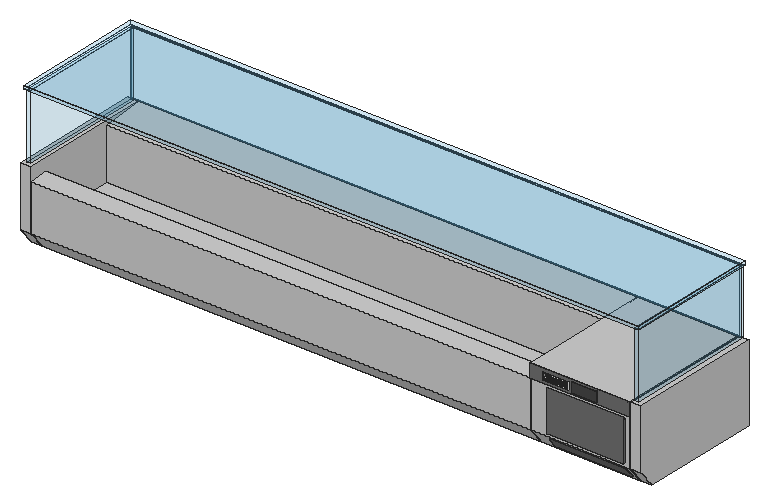
Revit family "Qf_Afinox_VRS1815V", category Specialty Equipment, Revit 2014
Parameters
  Show Logo [instance] = yes
  Show Clearance [instance] = yes
Reference planes
  plane 1 "Back": y = 0
  plane 2: z = 0
  plane 3 "Left": x = 0
  plane 4 "Right": x = 1815
  plane 5 "Front": y = -395
  plane 6 "Top": z = 225
Forms (mm)
  Extrusion 1, solid
    sketch origin (715, 0, 0) x (0, 1, 0) y (0, 0, 1)
      loop
        line (0, 225) -> (-118.091, 213.424) -> (-118.091, 63.424) -> (-342.706, 63.424) -> (-342.706, 191.405) -> (-395, 186.278) -> (-395, 50) -> (-354.511, 0) -> (0, 0) -> (0, 225)
    from -685 to 778
  Extrusion 2, solid
    sketch origin (0, 0, 0) x (0, 1, 0) y (0, 0, 1)
      loop
        line (0, 225) -> (-395, 225) -> (-395, 50) -> (-354.511, 0) -> (0, 0) -> (0, 225)
    from 0 to 30
  Extrusion 3, solid
    sketch origin (1785, 0, 0) x (0, 1, 0) y (0, 0, 1)
      loop
        line (0, 225) -> (-395, 225) -> (-395, 50) -> (-354.511, 0) -> (0, 0) -> (0, 225)
    from 0 to 30
  Extrusion 4, solid
    sketch origin (1755, 0, 0) x (0, 1, 0) y (0, 0, 1)
      loop
        line (0, 225) -> (-395, 225) -> (-395, 50) -> (-354.511, 0) -> (0, 0) -> (0, 225)
    from -262 to 30
  Extrusion 5, solid
    sketch origin (715, -394, -0.038) x (1, 0, 0) y (0, 0, 1)
      loop
        arc (829.65, 178.011) -> (827.352, 177.059) -> (826.4, 174.761) r 3.25
        line (826.4, 174.761) -> (826.4, 59.261)
        arc (826.4, 59.261) -> (827.352, 56.963) -> (829.65, 56.011) r 3.25
        line (829.65, 56.011) -> (1050.15, 56.011)
        arc (1050.15, 56.011) -> (1052.448, 56.963) -> (1053.4, 59.261) r 3.25
        line (1053.4, 59.261) -> (1053.4, 174.761)
        arc (1053.4, 174.761) -> (1052.448, 177.059) -> (1050.15, 178.011) r 3.25
        line (1050.15, 178.011) -> (829.65, 178.011)
    from 0 to 2
  Extrusion 6, solid
    sketch origin (715, -273.564, -98.372) x (1, 0, 0) y (0, -0.62932, 0.777146)
      loop
        arc (829.65, 178.011) -> (827.352, 177.059) -> (826.4, 174.761) r 3.25
        line (826.4, 174.761) -> (826.4, 141.843)
        arc (826.4, 141.843) -> (827.352, 139.544) -> (829.65, 138.593) r 3.25
        line (829.65, 138.593) -> (1050.15, 138.593)
        arc (1050.15, 138.593) -> (1052.448, 139.544) -> (1053.4, 141.843) r 3.25
        line (1053.4, 141.843) -> (1053.4, 174.761)
        arc (1053.4, 174.761) -> (1052.448, 177.059) -> (1050.15, 178.011) r 3.25
        line (1050.15, 178.011) -> (829.65, 178.011)
    from 0 to 2
  Extrusion 7, solid
    sketch origin (707.335, -397, -1.215) x (1, 0, 0) y (0, 0, 1)
      loop
        line (912.065, 221.354) -> (912.065, 192.354) -> (983.065, 192.354) -> (983.065, 221.354) -> (912.065, 221.354)
    from 0 to 3
  Extrusion 8, solid, visible <- "Show Logo"
    sketch origin (1352.556, -397, -384.108) x (1, 0, 0) y (0, 0, 1)
      loop
        line (179.287, 599.596) -> (179.287, 579.899) -> (254.287, 579.899) -> (254.287, 599.596) -> (179.287, 599.596)
      loop
        line (199.226, 597.323) -> (199.226, 582.172) -> (253.014, 582.172) -> (253.014, 597.323) -> (199.226, 597.323)
      loop
        line (180.287, 597.323) -> (180.287, 582.172) -> (198.848, 582.172) -> (198.848, 597.323) -> (180.287, 597.323)
    from 0 to 2
  Extrusion 9, solid, visible <- "Show Logo"
    sketch origin (559.53, -397, -622.718) x (1, 0, 0) y (0, 0, 1)
      loop
        arc (994.034, 825.04) -> (994.842, 823.416) -> (996.479, 824.198) r 1.293
        line (996.479, 824.198) -> (996.958, 825.22) -> (1000.192, 825.22) -> (1000.6, 824.198)
        arc (1000.6, 824.198) -> (1002.252, 823.366) -> (1003.039, 825.04) r 1.291
        line (1003.039, 825.04) -> (999.801, 832.415)
        arc (999.801, 832.415) -> (998.57, 833.402) -> (997.337, 832.418) r 1.263
        line (997.337, 832.418) -> (994.034, 825.04)
      loop
        line (999.576, 827.427) -> (998.603, 829.738) -> (997.631, 827.445) -> (999.576, 827.427)
      loop
        line (1004.344, 832.421) -> (1004.344, 824.556)
        arc (1004.344, 824.556) -> (1005.631, 823.448) -> (1006.918, 824.556) r 1.302
        line (1006.918, 824.556) -> (1006.918, 827.178) -> (1010.126, 827.178)
        arc (1010.126, 827.178) -> (1011.3, 828.493) -> (1010.126, 829.808) r 1.323
        line (1010.126, 829.808) -> (1006.918, 829.808) -> (1006.918, 830.954) -> (1010.126, 830.954)
        arc (1010.126, 830.954) -> (1011.264, 832.233) -> (1010.126, 833.511) r 1.287
        line (1010.126, 833.511) -> (1005.326, 833.511)
        arc (1005.326, 833.511) -> (1004.652, 833.13) -> (1004.344, 832.421) r 1.22
      loop
        line (1012.593, 832.457) -> (1012.593, 824.488)
        arc (1012.593, 824.488) -> (1013.928, 823.343) -> (1015.262, 824.488) r 1.35
        line (1015.262, 824.488) -> (1015.262, 832.457)
        arc (1015.262, 832.457) -> (1013.928, 833.516) -> (1012.593, 832.457) r 1.37
      loop
        arc (1019.372, 832.457) -> (1018.038, 833.516) -> (1016.703, 832.457) r 1.37
        line (1016.703, 832.457) -> (1016.703, 824.488)
        arc (1016.703, 824.488) -> (1018.038, 823.343) -> (1019.372, 824.488) r 1.35
        line (1019.372, 824.488) -> (1019.372, 828.473) -> (1022.448, 824.488)
        arc (1022.448, 824.488) -> (1023.783, 823.343) -> (1025.118, 824.488) r 1.35
        line (1025.118, 824.488) -> (1025.118, 832.457)
        arc (1025.118, 832.457) -> (1023.783, 833.516) -> (1022.448, 832.457) r 1.37
        line (1022.448, 832.457) -> (1022.448, 828.473) -> (1019.372, 832.457)
      loop
        circle (1031.159, 828.429) r 5.095
      loop
        circle (1031.159, 828.429) r 2.733
      loop
        line (1036.425, 831.5) -> (1038.763, 828.375) -> (1036.365, 825.267)
        arc (1036.365, 825.267) -> (1036.712, 823.621) -> (1038.393, 823.703) r 1.296
        line (1038.393, 823.703) -> (1040.42, 826.313) -> (1042.28, 823.703)
        arc (1042.28, 823.703) -> (1043.993, 823.58) -> (1044.434, 825.238) r 1.346
        line (1044.434, 825.238) -> (1042.048, 828.408) -> (1044.37, 831.408)
        arc (1044.37, 831.408) -> (1044.07, 833.196) -> (1042.269, 832.987) r 1.316
        line (1042.269, 832.987) -> (1040.366, 830.453) -> (1038.502, 833.054)
        arc (1038.502, 833.054) -> (1036.78, 833.19) -> (1036.425, 831.5) r 1.308
      loop
        line (1046.04, 835.933) -> (992.253, 835.933) -> (992.253, 820.782) -> (1046.04, 820.782) -> (1046.04, 835.933)
    from 0 to 2
  Extrusion 10, solid, visible <- "Show Logo"
    sketch origin (552.402, -397, -442.664) x (1, 0, 0) y (0, 0, 1)
      loop
        line (980.441, 655.879) -> (980.441, 640.728) -> (999.001, 640.728) -> (999.001, 655.879) -> (980.441, 655.879)
      loop
        arc (982.146, 642.435) -> (982.404, 641.667) -> (983.211, 641.586) r 0.747
        line (983.211, 641.586) -> (989.781, 644.576) -> (996.334, 641.6)
        arc (996.334, 641.6) -> (997.088, 641.702) -> (997.296, 642.435) r 0.695
        line (997.296, 642.435) -> (990.231, 654.688)
        arc (990.231, 654.688) -> (989.721, 654.992) -> (989.211, 654.688) r 0.58
        line (989.211, 654.688) -> (982.146, 642.435)
    from 0 to 2
  Extrusion 11, solid, visible <- "Show Logo"
    sketch origin (518.114, -397, -392.26) x (1, 0, 0) y (0, 0, 1)
      loop
        arc (1016.435, 592.031) -> (1016.693, 591.262) -> (1017.5, 591.182) r 0.747
        line (1017.5, 591.182) -> (1024.07, 594.172) -> (1030.623, 591.195)
        arc (1030.623, 591.195) -> (1031.377, 591.298) -> (1031.584, 592.031) r 0.695
        line (1031.584, 592.031) -> (1024.52, 604.283)
        arc (1024.52, 604.283) -> (1024.01, 604.588) -> (1023.5, 604.283) r 0.58
        line (1023.5, 604.283) -> (1016.435, 592.031)
      loop
        arc (1035.45, 594.582) -> (1036.258, 592.958) -> (1037.895, 593.739) r 1.293
        line (1037.895, 593.739) -> (1038.374, 594.762) -> (1041.608, 594.762) -> (1042.016, 593.739)
        arc (1042.016, 593.739) -> (1043.668, 592.908) -> (1044.455, 594.582) r 1.291
        line (1044.455, 594.582) -> (1041.218, 601.957)
        arc (1041.218, 601.957) -> (1039.986, 602.943) -> (1038.753, 601.959) r 1.263
        line (1038.753, 601.959) -> (1035.45, 594.582)
      loop
        line (1040.992, 596.969) -> (1040.02, 599.279) -> (1039.047, 596.987) -> (1040.992, 596.969)
      loop
        arc (1045.76, 594.097) -> (1047.047, 592.99) -> (1048.334, 594.097) r 1.302
        line (1048.334, 594.097) -> (1048.334, 596.72) -> (1051.542, 596.72)
        arc (1051.542, 596.72) -> (1052.716, 598.035) -> (1051.542, 599.35) r 1.323
        line (1051.542, 599.35) -> (1048.334, 599.35) -> (1048.334, 600.496) -> (1051.542, 600.496)
        arc (1051.542, 600.496) -> (1052.681, 601.774) -> (1051.542, 603.052) r 1.287
        line (1051.542, 603.052) -> (1046.742, 603.052)
        arc (1046.742, 603.052) -> (1046.069, 602.672) -> (1045.76, 601.962) r 1.22
        line (1045.76, 601.962) -> (1045.76, 594.097)
      loop
        arc (1054.01, 594.029) -> (1055.344, 592.884) -> (1056.679, 594.029) r 1.35
        line (1056.679, 594.029) -> (1056.679, 601.999)
        arc (1056.679, 601.999) -> (1055.344, 603.058) -> (1054.01, 601.999) r 1.37
        line (1054.01, 601.999) -> (1054.01, 594.029)
      loop
        arc (1058.12, 594.029) -> (1059.454, 592.884) -> (1060.789, 594.029) r 1.35
        line (1060.789, 594.029) -> (1060.789, 598.014) -> (1063.865, 594.029)
        arc (1063.865, 594.029) -> (1065.199, 592.884) -> (1066.534, 594.029) r 1.35
        line (1066.534, 594.029) -> (1066.534, 601.999)
        arc (1066.534, 601.999) -> (1065.199, 603.058) -> (1063.865, 601.999) r 1.37
        line (1063.865, 601.999) -> (1063.865, 598.014) -> (1060.789, 601.999)
        arc (1060.789, 601.999) -> (1059.454, 603.058) -> (1058.12, 601.999) r 1.37
        line (1058.12, 601.999) -> (1058.12, 594.029)
      loop
        circle (1072.575, 597.971) r 5.095
      loop
        circle (1072.575, 597.971) r 2.733
      loop
        line (1080.18, 597.917) -> (1077.782, 594.809)
        arc (1077.782, 594.809) -> (1078.129, 593.163) -> (1079.809, 593.245) r 1.296
        line (1079.809, 593.245) -> (1081.836, 595.854) -> (1083.697, 593.245)
        arc (1083.697, 593.245) -> (1085.409, 593.121) -> (1085.851, 594.78) r 1.346
        line (1085.851, 594.78) -> (1083.464, 597.949) -> (1085.787, 600.95)
        arc (1085.787, 600.95) -> (1085.486, 602.737) -> (1083.686, 602.528) r 1.316
        line (1083.686, 602.528) -> (1081.782, 599.994) -> (1079.918, 602.596)
        arc (1079.918, 602.596) -> (1078.197, 602.731) -> (1077.841, 601.041) r 1.308
        line (1077.841, 601.041) -> (1080.18, 597.917)
    from 0 to 2
  Extrusion 12, solid
    sketch origin (580.935, -395, 3.646) x (1, 0, 0) y (0, 0, 1)
      loop
        line (912.065, 221.354) -> (912.065, 182.633) -> (1204.065, 182.633) -> (1204.065, 221.354) -> (912.065, 221.354)
    from 0 to 2
  Extrusion 13, solid
    sketch origin (715, -6.8, 0) x (1, 0, 0) y (0, 0, 1)
      loop
        circle (1050, 20) r 5
    from -17.6 to -6.8
  Extrusion 14, solid
    sketch origin (715, 0, 0) x (1, 0, 0) y (0, 0, 1)
      loop
        line (-685, 13) -> (1070, 13) -> (1070, 186) -> (-685, 186) -> (-685, 13)
      loop
        circle (1050, 20) r 5
    from -10.8 to 0
  Extrusion 15, solid
    sketch origin (710, 0, 0) x (0, 1, 0) y (0, 0, 1)
      loop
        line (0, 428.598) -> (-391, 428.598) -> (-391, 416.598) -> (0, 416.598) -> (0, 428.598)
    from -702.5 to 1097.5
  Extrusion 16, solid
    sketch origin (715, 0, 0) x (0, 1, 0) y (0, 0, 1)
      loop
        line (-2, 416.598) -> (-8, 416.598) -> (-8, 225.598) -> (-2, 225.598) -> (-2, 416.598)
    from -702.5 to 1087.5
  Extrusion 17, solid
    sketch origin (0, 0, 0) x (1, 0, 0) y (0, 0, 1)
      loop
        line (12.5, 416.598) -> (12.5, 225) -> (22.5, 225) -> (22.5, 416.598) -> (12.5, 416.598)
    from 8 to 386
  Extrusion 18, solid
    sketch origin (715, 0, 0) x (1, 0, 0) y (0, 0, 1)
      loop
        line (1077.5, 416.598) -> (1077.5, 225.598) -> (1087.5, 225.598) -> (1087.5, 416.598) -> (1077.5, 416.598)
    from 2 to 386
Lines and regions (mm)
  symbolic lines, style "200-EquipBorder-2D"
    curve 1: line (0, 0, 0) -> (1815, 0, 0)
    curve 2: line (0, -395, 0) -> (0, 0, 0)
    curve 3: line (1815, -395, 0) -> (0, -395, 0)
    curve 4: line (1815, 0, 0) -> (1815, -395, 0)
    curve 5: line (30, 0, 0) -> (30, 10.8, 0)
    curve 6: line (30, 10.8, 0) -> (1785, 10.8, 0)
    curve 7: line (1785, 10.8, 0) -> (1785, 0, 0)
  symbolic lines, style "200-EquipInternal-2D"
    curve 8: line (7.5, -2, 0) -> (1807.5, -2, 0)
    curve 9: line (7.5, -391, 0) -> (7.5, -2, 0)
    curve 10: line (1807.5, -391, 0) -> (7.5, -391, 0)
    curve 11: line (1807.5, -2, 0) -> (1807.5, -391, 0)
    curve 12: line (1493, -391, 0) -> (1493, -395, 0)
    curve 13: line (1785, -391, 0) -> (1785, -395, 0)
    curve 14: line (30, -391, 0) -> (30, -395, 0)
Dimensions and locks
  plane 3 "Left" to plane 4 "Right" = 1815 mm
  plane 5 "Front" to plane 1 "Back" = 395 mm
  plane 6 "Top" to level = 225 mm
  aligned and locked: level to plane 2
  aligned and locked: Extrusion 1 to Extrusion 2
  aligned and locked: Extrusion 14 to Extrusion 1
  aligned and locked: Extrusion 16 to Extrusion 17
Connectors
  electrical at (1765, 10.8, 20)
    settings: on Extrusion 13, index 1, voltage 0 V, apparent load 0 VA, apparent load phase1 0 VA, apparent load phase2 0 VA, apparent load phase3 0 VA, power factor 1, load classification "Other", number of poles 1, system type 31, power factor state 1, is connector primary yes, connector utility no, sub classification motor no, connector description "Electrical connection"
